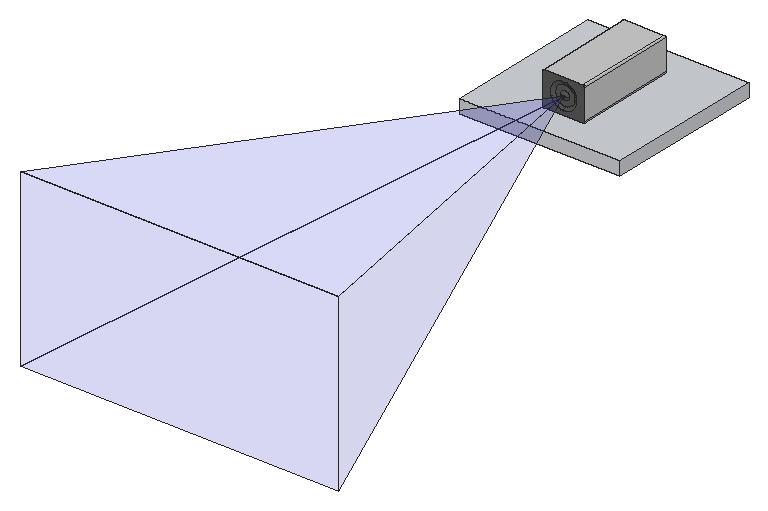
Revit family "Camera-Security-Canon-Box", category Security Devices, host Face, Revit 2012 (continued)
Definition of nested family "Field of View"
  Definition of nested family "Family2"
    Lines and regions (in)
      reference lines
        curve 1: line (0, 0, 0) -> (1, 0, 0)
        curve 2: line (0, 0, 1) -> (0, 0, -1)
        curve 3: line (-1, 0, 0) -> (1, 0, 0)
    Dimensions and locks (in)
      "z Base": plane 11 to plane 1 "Center (Front/Back)"
      "z Base": plane 12 to plane 3 "Center (Left/Right)"
      "z Base": plane 2 "Center (Elevation)" to plane 16
      "z Offset Z Actual": plane 15 to plane 16
      "z Offset X Actual": plane 12 to plane 14
      "z Offset Y Actual": plane 13 to plane 11
      "z Angle Rotate": angle curve 1 to plane 1 "Center (Front/Back)"
      aligned and locked: plane 2 "Center (Elevation)" to level
      aligned and locked: plane 14 to curve 1
      aligned and locked: plane 13 to curve 1
    Automatic sketch dimensions
      Extrusion 1 sketch curve to curve 1 = 0.000"  (x2)
      Extrusion 1 sketch curve to curve 1 = 0.29289"
      Extrusion 1 sketch curve to curve 1 = 0.70711"
      curve 3 to curve 1 = 0.000"  (x2)
      curve 1 to curve 2 = 0.000"
      curve 2 to curve 1 = 1.000"
      curve 1 to curve 2 = 1.000"
      curve 3 to curve 1 = 1.000"
Definition of nested family "Security Camera Symbol 2"
  Parameters (values of type "PTZ Camera")
    z Visible [instance] = yes
    z Rotation [instance] = 0.000°
  Reference planes (in)
    plane 1: y = 0
    plane 2: x = 0
  Lines and regions (in)
    Masking region 1, visible <- "z Visible"
      outline origin (0, 0, 0) x (1, 0, 0) y (0, 1, 0)
        loop
          circle (0, 0) r 0.16623
    detail lines, visible <- "z Visible"
      curve 1: line (-0.10178, 0.0548, 0) -> (0.04949, 0.0548, 0)
      curve 2: line (-0.10178, -0.0548, 0) -> (-0.10178, 0.0548, 0)
      curve 3: line (0.04949, -0.0548, 0) -> (-0.10178, -0.0548, 0)
      curve 4: line (0.04949, 0.0548, 0) -> (0.04949, -0.0548, 0)
      curve 5: line (0.04949, 0, 0) -> (0.1043, 0.0548, 0)
      curve 6: line (0.1043, 0.0548, 0) -> (0.1043, -0.0548, 0)
      curve 7: line (0.1043, -0.0548, 0) -> (0.04949, 0, 0)
    reference lines
      curve 8: line (0, 0, 0) -> (0.45859, 0, 0)
  Dimensions and locks (in)
    "z Rotation": angle curve 8 to plane 1
  Automatic sketch dimensions
    Masking region 1 sketch curve to curve 8 = 0.000"  (x2)
    plane 1 to curve 8 = 0.000"
    curve 8 to plane 2 = 0.000"
    curve 8 to curve 5 = 0.000"
    curve 8 to curve 7 = 0.000"
    curve 3 to curve 8 = 0.10178"
    curve 8 to curve 3 = 0.04949"
    curve 3 to curve 6 = 0.0548"
    curve 4 to curve 8 = 0.0548"
    curve 3 to curve 6 = 0.000"
    curve 5 to curve 8 = 0.0548"
    curve 2 to curve 8 = 0.0548"
    radius of Masking region 1 sketch curve = 0.16623"
Definition of nested family "Yoke"
  Parameters (values of type "Standard")
    z Visible Sun Shield [instance] = yes
    z Visible Mount Wall Wall [instance] = and(not(z Error), or(z Type Mount Actual = 1, z Type Mount Actual = 2, z Type Mount Actual = 3))  # yes
    z Type Mount Actual [instance] = 3
    z Tilt Desired [instance] = if(1 = 1, 1, 1) * Tilt Desired + 90.000°  # 90.000°
    z Shield Start [instance] = z Box Mount Start 2 - 0.375"  # -6.460"
    z Shield End [instance] = z Box Mount End 2 + 1.476"  # 7.751"
    z Rotation Desired [instance] = if(1 = 1, 1, 1) * Rotation Desired + 90.000°  # 90.000°
    z Error [instance] = no
    z Box Mount Width 6 = 1.125"  # constant formula
    z Box Mount Width 4 = 2.280"  # constant formula
    z Box Mount Width 3 = 4.893"  # constant formula
    z Box Mount Width 2 = 6.529"  # constant formula
    z Box Mount Width 1 = 3.116"  # constant formula
    z Box Mount Vertical offset = 0.000" + 20.000"  # 20.000"
    z Box Mount Start 2 = -6.085"  # constant formula
    z Box Mount START = -1.153"  # constant formula
    z Box Mount Rotation [instance] = if(not(z Error), if(z Rotation Desired < 30.000°, 30.000°, if(z Rotation Desired > 140.000°, 140.000°, z Rotation Desired)), 90.000°) + if(z Type Mount Actual = 3, 180.000°, 0.000°)  # 270.000°
    z Box Mount Lens 2 Start = -6.085"  # constant formula
    z Box Mount Lens 2 End = -5.960"  # constant formula
    z Box Mount Lens 1 Start = 6.275"  # constant formula
    z Box Mount Lens 1 End = 6.150"  # constant formula
    z Box Mount Height 6 = 10.107" - 1.365"  # 8.742"
    z Box Mount Height 3 = 0.736"  # constant formula
    z Box Mount Height 2 = 9.710"  # constant formula
    z Box Mount Height 1 = 3.200"  # constant formula
    z Box Mount End 2 = 6.275"  # constant formula
    z Box Mount END = 1.153"  # constant formula
    z Box Mount Bar Start = -1.153"  # constant formula
    z Box Mount Bar End = 1.153"  # constant formula
    z Box Mount Angle [instance] = if(not(z Error), if(z Tilt Desired < 45.000°, 45.000°, if(z Tilt Desired > 110.000°, 110.000°, z Tilt Desired)), 90.000°)  # 90.000°
    z Box Mount  Width 7 = 2.305"  # constant formula
    z  Offset [instance] = 0.000"  # constant formula
    Tilt Desired [instance] = 0.000°
    Rotation Desired [instance] = 0.000°
    URL = ""
    Model = ""
    Manufacturer = ""
    Description = ""
    Default Elevation = 48.000"
  Reference planes (in)
    plane 1 "Center (Front/Back)": y = 0
    plane 2 "Center (Elevation)": z = 0
    plane 3 "Center (Left/Right)": x = 0
    plane 4: z = 0
    plane 5: y = 0
  Forms (in)
    Extrusion 1, solid
      sketch origin (0, 0, 0) x (1, 0, 0) y (0, 1, 0)
        loop
          line (-2.125, 6.625) -> (-2.125, -6.529) -> (2.16432, -6.529) -> (2.16432, 6.625) -> (-2.125, 6.625)
      from 0 to -0.59386
    Extrusion 2, solid, material "Plastic - Canon - Grey", visible <- "z Visible Mount Wall Wall"
      sketch origin (0, 0, 0) x (0, 0, 1) y (0, 1, 0)
        loop
          line (-0.313, 0.29146) -> (-0.313, -0.29077) -> (0.81008, -1.365) -> (1.125, -1.365) -> (1.125, 1.365) -> (0.80986, 1.365) -> (-0.313, 0.29146)
      from -1.153 <- "z Box Mount Bar Start" to 1.153 <- "z Box Mount Bar End"
    Extrusion 3, solid, material "Plastic - Canon - Clear", visible <- "z Visible Mount Wall Wall"
      sketch origin (0, 1.365, 1.125) x (-1, 0, 0) y (0, 0, 1)
        loop
          line (-1.39764, 0.82677) -> (1.39764, 0.82677) -> (1.39764, 3.62205) -> (-1.39764, 3.62205) -> (-1.39764, 0.82677)
      from 6.275 <- "z Box Mount Lens 1 Start" to 6.15 <- "z Box Mount Lens 1 End"
    Extrusion 4, solid, material "Plastic - Canon - Grey", visible <- "z Visible Mount Wall Wall"
      sketch origin (0, -0.0055, -45) x (0, 1, 0) y (0, 0, -1)
        loop
          line (-0.5847, -45) -> (0.59626, -45) -> (0.9735, -43.845) -> (-0.9735, -43.845) -> (-0.5847, -45)
      from -1.153 <- "z Box Mount START" to 1.153 <- "z Box Mount END"
    Extrusion 5, solid, material "Plastic - Canon - Grey", visible <- "z Visible Mount Wall Wall"
      sketch origin (0, 1.365, 1.125) x (-1, 0, 0) y (0, 0, 1)
        loop
          line (-2.54869, 2.85049) -> (-2.85433, 2.76862) -> (-2.85433, 2.32283) -> (-2.47376, 0.55918)
          arc (-2.47376, 0.55918) -> (-2.22617, 0.15724) -> (-1.78104, 0) r 0.70866
          line (-1.78104, 0) -> (1.84095, 0)
          arc (1.84095, 0) -> (2.29508, 0.16463) -> (2.53821, 0.58204) r 0.70866
          line (2.53821, 0.58204) -> (2.85433, 2.32283) -> (2.85433, 2.7595) -> (2.55237, 2.84038)
          arc (2.55237, 2.84038) -> (2.15856, 3.05637) -> (1.90898, 3.42981) r 0.94488
          line (1.90898, 3.42981) -> (1.63677, 4.17739)
          arc (1.63677, 4.17739) -> (1.4638, 4.40277) -> (1.19284, 4.48819) r 0.47244
          line (1.19284, 4.48819) -> (-1.19284, 4.48819)
          arc (-1.19284, 4.48819) -> (-1.4638, 4.40277) -> (-1.63677, 4.17739) r 0.47244
          line (-1.63677, 4.17739) -> (-1.90518, 3.44024)
          arc (-1.90518, 3.44024) -> (-2.15475, 3.0666) -> (-2.54869, 2.85049) r 0.94488
        loop
          line (-1.39764, 3.62205) -> (-1.39764, 0.82677) -> (1.39764, 0.82677) -> (1.39764, 3.62205) -> (-1.39764, 3.62205)
      from -6.085 <- "z Box Mount Start 2" to 6.275 <- "z Box Mount End 2"
    Extrusion 6, solid, material "Plastic - Canon - Grey", visible <- "z Visible Mount Wall Wall"
      sketch origin (0, 1.365, 1.125) x (-1, 0, 0) y (0, 0, 1)
        loop
          line (-1.39764, 3.62205) -> (-1.39764, 0.82677) -> (1.39764, 0.82677) -> (1.39764, 3.62205) -> (-1.39764, 3.62205)
      from -6.085 <- "z Box Mount Lens 2 Start" to -5.96 <- "z Box Mount Lens 2 End"
    Extrusion 7, solid, material "Plastic - Canon - Grey", visible <- "z Visible Mount Wall Wall"
      sketch origin (0, 1.365, 1.125) x (-1, 0, 0) y (0, 0, 1)
        loop
          arc (-2.54869, 2.85049) -> (-2.15475, 3.0666) -> (-1.90518, 3.44024) r 0.94488
          line (-1.90518, 3.44024) -> (-1.63677, 4.17739)
          arc (-1.63677, 4.17739) -> (-1.4638, 4.40277) -> (-1.19284, 4.48819) r 0.47244
          line (-1.19284, 4.48819) -> (1.19284, 4.48819)
          arc (1.19284, 4.48819) -> (1.4638, 4.40277) -> (1.63677, 4.17739) r 0.47244
          line (1.63677, 4.17739) -> (1.90898, 3.42981)
          arc (1.90898, 3.42981) -> (2.15856, 3.05637) -> (2.55237, 2.84038) r 0.94488
          line (2.55237, 2.84038) -> (2.85433, 2.7595) -> (2.85433, 2.84129) -> (2.57281, 2.91669)
          arc (2.57281, 2.91669) -> (2.21193, 3.11463) -> (1.98321, 3.45683) r 0.86588
          line (1.98321, 3.45683) -> (1.711, 4.20442)
          arc (1.711, 4.20442) -> (1.50911, 4.46748) -> (1.19284, 4.56719) r 0.55144
          line (1.19284, 4.56719) -> (-1.19284, 4.56719)
          arc (-1.19284, 4.56719) -> (-1.50911, 4.46748) -> (-1.711, 4.20442) r 0.55144
          line (-1.711, 4.20442) -> (-1.97942, 3.46725)
          arc (-1.97942, 3.46725) -> (-2.20813, 3.12485) -> (-2.56913, 2.9268) r 0.86588
          line (-2.56913, 2.9268) -> (-2.85433, 2.85041) -> (-2.85433, 2.76862) -> (-2.54869, 2.85049)
      from -6.46 <- "z Shield Start" to 7.751 <- "z Shield End"
    Extrusion 8, void
      sketch origin (0, 0, 1.125) x (0, 1, 0) y (0, 0, -1)
        loop
          line (7.40833, -2.52783) -> (9.116, -4.2355) -> (9.116, -2.52783) -> (7.40833, -2.52783)
      from -4.29458 to 3.71699
    Extrusion 9, solid, material "Plastic - Canon - Grey", visible <- "z Visible Sun Shield"
      sketch origin (0, 1.365, 1.875) x (-1, 0, 0) y (0, 0, 1)
        loop
          arc (-2.77243, 2.11299) -> (-2.37861, 2.32899) -> (-2.12903, 2.70242) r 0.94488
          line (-2.12903, 2.70242) -> (-1.59197, 4.17739)
          arc (-1.59197, 4.17739) -> (-1.419, 4.40277) -> (-1.14804, 4.48819) r 0.47244
          line (-1.14804, 4.48819) -> (1.19284, 4.48819)
          arc (1.19284, 4.48819) -> (1.42908, 4.37258) -> (1.57861, 4.15621) r 0.52034
          line (1.57861, 4.15621) -> (2.09957, 2.72546)
          arc (2.09957, 2.72546) -> (2.34915, 2.35203) -> (2.74296, 2.13603) r 0.94488
          line (2.74296, 2.13603) -> (3.04492, 2.05515) -> (3.04492, 2.13694) -> (2.7634, 2.21234)
          arc (2.7634, 2.21234) -> (2.40251, 2.41028) -> (2.1738, 2.75249) r 0.86588
          line (2.1738, 2.75249) -> (1.64513, 4.20442)
          arc (1.64513, 4.20442) -> (1.44323, 4.46748) -> (1.12697, 4.56719) r 0.55144
          line (1.12697, 4.56719) -> (-1.14804, 4.56719)
          arc (-1.14804, 4.56719) -> (-1.46431, 4.46748) -> (-1.6662, 4.20442) r 0.55144
          line (-1.6662, 4.20442) -> (-2.20326, 2.72945)
          arc (-2.20326, 2.72945) -> (-2.43198, 2.38724) -> (-2.79286, 2.18931) r 0.86588
          line (-2.79286, 2.18931) -> (-3.07806, 2.11292) -> (-3.07806, 2.03113) -> (-2.77243, 2.11299)
      from -6.46 <- "z Shield Start" to 7.751 <- "z Shield End"
  Cuts and joins
    joined: Extrusion 5, Extrusion 6
    joined: Extrusion 2, Extrusion 4
    Extrusion 8 cuts Extrusion 7
    Extrusion 8 cuts Extrusion 9
  Lines and regions (in)
    reference lines
      curve 1: line (0, 0, 0) -> (0, 0, 1.125)
      curve 2: line (0, 0, 1.125) -> (0, 1.365, 1.125)
      curve 3: line (0, 0, 0) -> (0, -1.365, 0)
      curve 4: line (0, 0, 0) -> (0, -12, 0)
      curve 5: line (0, 0, 0) -> (-6, 0, 0)
  Dimensions and locks (in)
    Extrusion 2 sketch curve to Extrusion 2 sketch curve = 2.730"
    Extrusion 2 sketch curve to Extrusion 2 sketch curve to Extrusion 2 sketch curve to curve 1 to Extrusion 2 sketch curve to Extrusion 2 sketch curve = 0.000" locked, 1.07423" locked, 0.29077" locked, 0.29146" locked, 1.07354" locked
    Extrusion 3 sketch curve to curve 2 to Extrusion 3 sketch curve = 1.39764" locked, 1.39764" locked
    Extrusion 5 to Extrusion 3 sketch curve to Extrusion 3 sketch curve = 0.86614" locked, 2.79528" locked
    locked: Extrusion 4 sketch curve to Extrusion 4 sketch curve at 1.155
    Extrusion 4 sketch curve to curve 1 to Extrusion 4 sketch curve to Extrusion 4 sketch curve to Extrusion 4 sketch curve = 0.3333" locked, 0.33298" locked, 0.07451" locked, 1.09847" locked
    Extrusion 5 sketch curve to Extrusion 5 sketch curve to Extrusion 5 sketch curve to Extrusion 5 sketch curve to Extrusion 5 sketch curve to curve 2 to Extrusion 5 sketch curve to Extrusion 5 sketch curve to Extrusion 5 sketch curve to Extrusion 5 sketch curve = 0.06118" locked, 1.01211" locked, 0.3834" locked, 0.20479" locked, 1.19284" locked, 1.19284" locked, 0.20479" locked, 0.44332" locked, 0.95588" locked
    Extrusion 5 sketch curve to Extrusion 5 sketch curve to Extrusion 5 sketch curve to Extrusion 5 sketch curve to Extrusion 5 sketch curve to Extrusion 5 sketch curve to Extrusion 5 sketch curve to Extrusion 5 sketch curve to Extrusion 5 sketch curve to curve 2 to Extrusion 5 sketch curve = 0.47244" locked, 0.000" locked, 0.25255" locked, 0.01011" locked, 0.13104" locked, 2.79528" locked, 0.11811" locked, 0.000" locked, 0.70866" locked, 0.000" locked
    Extrusion 6 sketch curve to curve 2 to Extrusion 6 sketch curve = 1.39764" locked, 1.39764" locked
    Extrusion 5 to Extrusion 6 sketch curve to Extrusion 6 sketch curve = 0.86614" locked, 2.79528" locked
    locked: Extrusion 4 sketch curve to curve 1 at 1.155
    "z  Offset": plane 4 to plane 2 "Center (Elevation)"
    "z  Offset": plane 1 "Center (Front/Back)" to plane 5
    locked: curve 3 to curve 1 at 1.365
    locked: curve 4 to plane 4 (angle 0.000°)
    "z Box Mount Rotation": angle curve 5 to curve 3
    "z Box Mount Angle": angle curve 1 to curve 3
    aligned and locked: plane 2 "Center (Elevation)" to Extrusion 1
    aligned and locked: level to Extrusion 1
    aligned and locked: plane 3 "Center (Left/Right)" to curve 3
    aligned and locked: plane 4 to curve 4
    aligned and locked: plane 5 to curve 4
    aligned and locked: curve 1 to curve 3
  Automatic sketch dimensions
    Extrusion 1 sketch curve to Extrusion 1 sketch curve = 4.28932"
    Extrusion 1 sketch curve to Extrusion 1 sketch curve = 13.154"
    Extrusion 2 sketch curve to curve 1 = 0.313"
    Extrusion 2 sketch curve to curve 1 = 0.31514"
    Extrusion 2 sketch curve to curve 1 = 0.31492"
    Extrusion 2 sketch curve to curve 1 = 0.000"
    Extrusion 5 sketch curve to Extrusion 5 sketch curve = 0.30564"
    Extrusion 5 sketch curve to Extrusion 5 sketch curve = 0.000"  (x14)
    Extrusion 5 sketch curve to Extrusion 5 sketch curve = 0.69272"
    Extrusion 5 sketch curve to Extrusion 5 sketch curve = 0.50754"
    Extrusion 5 sketch curve to Extrusion 5 sketch curve = 0.44393"  (x2)
    Extrusion 5 sketch curve to Extrusion 5 sketch curve = 0.51134"
    Extrusion 5 sketch curve to Extrusion 5 sketch curve = 0.69726"
    Extrusion 5 sketch curve to Extrusion 5 sketch curve = 0.64339"
    Extrusion 5 sketch curve to Extrusion 5 sketch curve = 0.30196"
    Extrusion 5 sketch curve to Extrusion 5 sketch curve = 1.44036"
    Extrusion 5 sketch curve to Extrusion 5 sketch curve = 1.43025"
    Extrusion 5 sketch curve to Extrusion 5 sketch curve = 0.43667"
    Extrusion 5 sketch curve to Extrusion 5 sketch curve = 0.44579"
    Extrusion 5 sketch curve to Extrusion 5 sketch curve = 0.08088"
    Extrusion 5 sketch curve to Extrusion 5 sketch curve = 0.08186"
    curve 2 to curve 1 = 0.000"  (x2)
    curve 1 to curve 2 = 1.365"
    curve 5 to curve 4 = 0.000"  (x2)
    curve 5 to curve 4 = 6.000"
    curve 3 to curve 5 = 0.000"
    Extrusion 7 sketch curve to Extrusion 7 sketch curve = 0.000"  (x18)
    plane 3 "Center (Left/Right)" to Extrusion 7 sketch curve = 2.85433"
    Extrusion 7 sketch curve to Extrusion 7 sketch curve = 0.06118"
    Extrusion 7 sketch curve to Extrusion 7 sketch curve = 0.2852"
    Extrusion 7 sketch curve to Extrusion 7 sketch curve = 0.02044"  (x2)
    Extrusion 7 sketch curve to Extrusion 7 sketch curve = 0.58971"
    Extrusion 7 sketch curve to Extrusion 7 sketch curve = 0.07424"
    Extrusion 7 sketch curve to Extrusion 7 sketch curve = 0.26841"
    Extrusion 7 sketch curve to Extrusion 7 sketch curve = 0.07423"  (x3)
    Extrusion 7 sketch curve to Extrusion 7 sketch curve = 0.44393"  (x2)
    Extrusion 7 sketch curve to plane 3 "Center (Left/Right)" = 1.19284"
    Extrusion 7 sketch curve to Extrusion 7 sketch curve = 0.27221"
    Extrusion 7 sketch curve to Extrusion 7 sketch curve = 0.56916"
    Extrusion 7 sketch curve to Extrusion 7 sketch curve = 0.22402"
    Extrusion 7 sketch curve to Extrusion 7 sketch curve = 0.30196"
    level to Extrusion 7 sketch curve = 3.8845"
    level to Extrusion 7 sketch curve = 3.89362"
    Extrusion 7 sketch curve to Extrusion 7 sketch curve = 0.08088"
    Extrusion 7 sketch curve to Extrusion 7 sketch curve = 0.08178"  (x2)
    Extrusion 7 sketch curve to Extrusion 7 sketch curve = 0.00008"
    Extrusion 7 sketch curve to Extrusion 7 sketch curve = 0.07631"  (x2)
    Extrusion 7 sketch curve to Extrusion 7 sketch curve = 0.51312"
    Extrusion 7 sketch curve to Extrusion 7 sketch curve = 0.51344"
    Extrusion 7 sketch curve to Extrusion 7 sketch curve = 0.58594"
    Extrusion 7 sketch curve to Extrusion 7 sketch curve = 0.57551"
    Extrusion 7 sketch curve to Extrusion 7 sketch curve = 0.16164"
    Extrusion 7 sketch curve to Extrusion 7 sketch curve = 0.02703"
    curve 2 to Extrusion 8 sketch curve = 2.52783"
    curve 2 to Extrusion 8 sketch curve = 6.04333"
    Extrusion 8 sketch curve to Extrusion 8 sketch curve = 1.70767"  (x2)
    Extrusion 9 sketch curve to Extrusion 9 sketch curve = 0.000"  (x14)
    plane 3 "Center (Left/Right)" to Extrusion 9 sketch curve = 3.07806"
    Extrusion 9 sketch curve to Extrusion 9 sketch curve = 0.06118"
    Extrusion 9 sketch curve to Extrusion 9 sketch curve = 0.2852"
    Extrusion 9 sketch curve to Extrusion 9 sketch curve = 0.02044"  (x2)
    Extrusion 9 sketch curve to Extrusion 9 sketch curve = 0.5896"
    Extrusion 9 sketch curve to Extrusion 9 sketch curve = 0.07423"  (x3)
    Extrusion 9 sketch curve to Extrusion 9 sketch curve = 0.53706"
    Extrusion 9 sketch curve to Extrusion 9 sketch curve = 0.44393"
    Extrusion 9 sketch curve to plane 3 "Center (Left/Right)" = 1.08967"
    Extrusion 9 sketch curve to Extrusion 9 sketch curve = 0.03729"
    Extrusion 9 sketch curve to Extrusion 9 sketch curve = 0.06588"
    Extrusion 9 sketch curve to Extrusion 9 sketch curve = 0.45164"
    Extrusion 9 sketch curve to Extrusion 9 sketch curve = 0.06652"
    Extrusion 9 sketch curve to Extrusion 9 sketch curve = 0.52096"
    Extrusion 9 sketch curve to Extrusion 9 sketch curve = 0.56916"
    Extrusion 9 sketch curve to Extrusion 9 sketch curve = 0.22402"
    Extrusion 9 sketch curve to Extrusion 9 sketch curve = 0.28152"
    level to Extrusion 9 sketch curve = 3.90613"
    Extrusion 9 sketch curve to Extrusion 9 sketch curve = 0.08178"  (x2)
    Extrusion 9 sketch curve to Extrusion 9 sketch curve = 0.00008"
    Extrusion 9 sketch curve to Extrusion 9 sketch curve = 0.08088"
    Extrusion 9 sketch curve to Extrusion 9 sketch curve = 0.07631"  (x2)
    Extrusion 9 sketch curve to Extrusion 9 sketch curve = 0.51312"  (x2)
    Extrusion 9 sketch curve to Extrusion 9 sketch curve = 1.25272"
    Extrusion 9 sketch curve to Extrusion 9 sketch curve = 1.31333"
    Extrusion 9 sketch curve to Extrusion 9 sketch curve = 0.03757"
    Extrusion 9 sketch curve to Extrusion 9 sketch curve = 0.14046"
    Extrusion 9 sketch curve to Extrusion 9 sketch curve = 0.16164"
    Extrusion 9 sketch curve to Extrusion 9 sketch curve = 0.04821"
Types (4): name | zz Text 6 | zz Text 1 | zz Length 9 | zz Length 82 | zz Length 80 | zz Length 72 | zz Length 70 | zz Length 63 | zz Length 54 | zz Length 5 | zz Length 40 | zz Length 36 | zz Length 33 | zz Length 31 | zz Length 29 | zz Length 25 | zz Length 24 | zz Length 22 | zz Length 21 | zz Length 18 | zz Length 17 | zz Length 13 | zz Length 11 | zz Integer 2 | zz Force 2 | zz Angle 8 | zz Angle 28 | zz Angle 25 | zz Angle 21 | zz Angle 13 | zz Angle 12 | Width | Weight | Shutter Speed | Field of View Vertical | Resolution | Product Page URL | Product Documentation Link | Part Number | Part Description | Megapixels | Height | Field of View Horizontal | Effective Pixels | Angular Field of View
  2.1 MP, Micro | "VB-S900F" | "2.1 Megapixel Network Box Camera" | 1.250" | 13.243" | 200.000" | 200.000" | 200.000" | 2.125" | 200.000" | 200.000" | 2.125" | 2.125" | 2.125" | 4.490" | 200.000" | 200.000" | 200.000" | 2.245" | 200.000" | 200.000" | 200.000" | 200.000" | -1.0625" | 1 | 0.390 lbf | 60.500° | 60.500° | 96.000° | 96.000° | 60.500° | 96.000° | 2.125" | 0.390 lbf | "1, 1/2, 1/4, 1/8, 1/15, 1/30, 1/60, 1/100, 1/120, 1/250, 1/500, 1/1000, 1/2000, 1/4000, 1/8000, 1/10000, 1/16000 sec." | 60.500° | "JPEG, H.264: 1920x1080, 1280x920, 1280x720, 960x5440, 640x480, 640x360, 480x270, 320x240, 320x180" | "http://www.usa.canon.com/cusa/support/professional/security_video_solutions/network_cameras/vb_s900f" | "http://www.usa.canon.com/cusa/support/professional/security_video_solutions/network_cameras/vb_s900f#Specifications" | "VB-S900F" | "2.1 Megapixel Network Box Camera" | "2.1" | 1.250" | 96.000° | "2.1 Million Pixels" | "Horizontal: 96° (W) - 96° (T); Vertical: 60.5° (W) - 60.5° (T)"
  2.1 MP, Standard | "VB-H730F" | "2.1 Megapixel Network Box Camera" | 3.150" | 12.808" | 100.000" | 100.000" | 100.000" | 2.560" | 100.000" | 100.000" | 2.560" | 2.560" | 2.560" | 7.560" | 100.000" | 100.000" | 100.000" | 3.780" | 100.000" | 100.000" | 100.000" | 100.000" | -1.280" | 3 | 1.480 lbf | 20.600° | 60.800° | 36.700° | 112.600° | 20.600° | 36.700° | 2.560" | 1.480 lbf | "1, 1/2, 1/4, 1/8, 1/15, 1/30, 1/60, 1/100, 1/120, 1/250, 1/500, 1/1000, 1/2000, 1/4000, 1/8000, 1/16000 sec." | 20.600° | "JPEG, H.264: 1920x1080, 1280x920, 1280x720, 960x5440, 640x480, 640x360, 480x270, 320x240, 320x180" | "http://www.usa.canon.com/cusa/support/professional/security_video_solutions/network_cameras/vb_h730f" | "http://www.usa.canon.com/cusa/support/professional/security_video_solutions/network_cameras/vb_h730f#Specifications" | "VB-H730F" | "2.1 Megapixel Network Box Camera" | "2.1" | 3.150" | 36.700° | "2.1 Million Pixels" | "Horizontal: 112.6° (W) - 36.7° (T); Vertical: 60.8° (W) - 20.6° (T)"
  1.3 MP, Standard | "VB-M720F" | "1.3 Megapixel Network Box Camera" | 3.150" | 12.808" | 200.000" | 200.000" | 200.000" | 2.560" | 200.000" | 200.000" | 2.560" | 2.560" | 2.560" | 7.560" | 200.000" | 200.000" | 200.000" | 3.780" | 200.000" | 200.000" | 200.000" | 200.000" | -1.280" | 2 | 1.550 lbf | 25.600° | 75.600° | 34.200° | 102.500° | 25.600° | 34.200° | 2.560" | 1.550 lbf | "1, 1/2, 1/4, 1/8, 1/15, 1/30, 1/60, 1/100, 1/120, 1/250, 1/500, 1/1000, 1/2000, 1/4000, 1/8000, 1/16000 sec." | 25.600° | "JPEG, H.264: 1280 x 720, 640 x 360, 320 x 180, 1280 x 960, 640 x 480, 320 x 240" | "http://www.usa.canon.com/cusa/support/professional/security_video_solutions/network_cameras/vb_m720f" | "http://www.usa.canon.com/cusa/support/professional/security_video_solutions/network_cameras/vb_m720f#Specifications" | "VB-M720F" | "1.3 Megapixel Network Box Camera" | "1.3" | 3.150" | 34.200° | "1.3 Million Pixels" | "Horizontal: 102.5° (W) - 34.2° (T); Vertical: 75.6° (W) – 25.6° (T)"
  1.3 MP, Micro | "VB-S905F" | "1.3 Megapixel Network Box Camera" | 1.250" | 13.243" | 100.000" | 100.000" | 100.000" | 2.125" | 100.000" | 100.000" | 2.125" | 2.125" | 2.125" | 4.490" | 100.000" | 100.000" | 100.000" | 2.245" | 100.000" | 100.000" | 100.000" | 100.000" | -1.0625" | 4 | 0.170 lbf | 0.170° | 0.170° | 96.000° | 0.170° | 60.500° | 0.170° | 2.125" | 0.170 lbf | "1, 1/2, 1/4, 1/8, 1/15, 1/30, 1/60, 1/100, 1/120, 1/250, 1/500, 1/1000, 1/2000, 1/4000, 1/8000, 1/10000, 1/16000 sec." | 60.500° | "JPEG, H.264: 1280 x 720, 640 x 360, 320 x 180, 1280 x 960, 640 x 480, 320 x 240" | "http://www.usa.canon.com/cusa/support/professional/security_video_solutions/network_cameras/vb_s905f" | "http://www.usa.canon.com/cusa/support/professional/security_video_solutions/network_cameras/vb_s905f#Specifications" | "VB-S905F" | "1.3 Megapixel Network Box Camera" | "1.3" | 1.250" | 96.000° | "2.1 Million Pixels" | "Horizontal: 96° (W) - 96° (T); Vertical: 60.5° (W) - 60.5° (T)"
